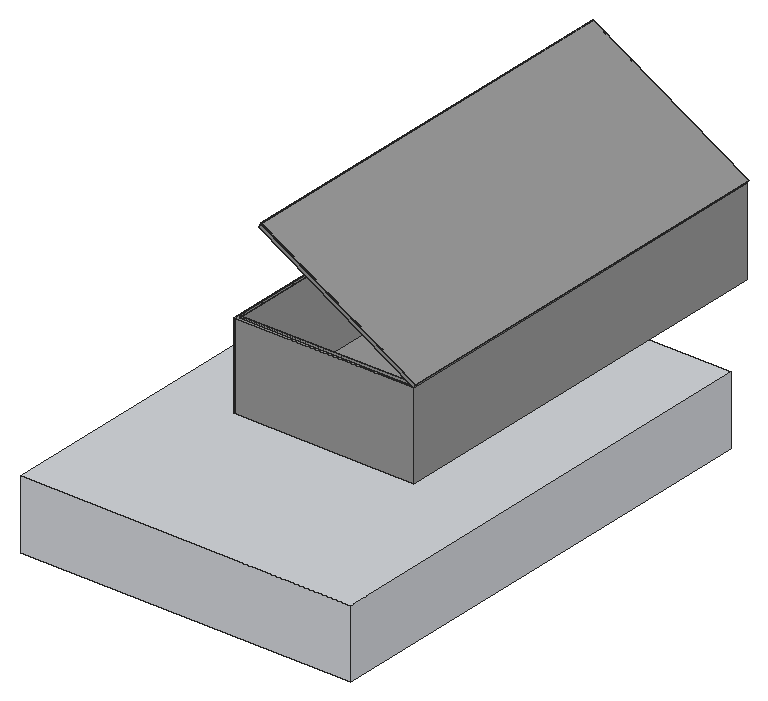
Revit family "Hager-Univers-IP41-D400-H1850-Cl.I-Steel_encl-NL-en", category Equipement électrique, Revit 2020
Family settings
  Hôte = Face
  Configuration du panneau = Deux colonnes, circuits au sein
  Cote de connecteur circulaire = Utiliser le diamètre
  Type d'élément = Tableau de raccordement
  Couper avec des vides une fois chargée = Non
  Partagée = Non
  Point de calcul de pièce = Non
Parameters (values of type "Surface mounted (plaster) IP41 W800 H1850 D400  - FS23G")
  Width Control [instance] = if([EF000008 - Width] > Min Width, [EF000008 - Width], Min Width)  # 800 mm
  Commentaires du type = [HG000003 - Range]  # "Univers"
  Thickness Door [instance] = if([EF009171 - Material plate thickness door/cover] > 3 mm, 3 mm, [EF009171 - Material plate thickness door/cover])  # 1.5 mm
  Seal Frame Offset [instance] = 17 mm  # constant formula
  Plinth Visibility [instance] = [HG000027 - Plinth height] > 0 mm  # no
  Model = ""
  Min Width [instance] = 100 mm  # constant formula
  Min Height [instance] = 100 mm  # constant formula
  Min Depth [instance] = (2 * [EF009170 - Material plate thickness cabinet]) + 1 mm  # 4 mm
  Internal Frame Depth [instance] = (Door System Depth * 0.5)  # 9 mm
  Height Control [instance] = if([EF000040 - Height] > Min Height, [EF000040 - Height], Min Height)  # 1850 mm
  HG000027 - Plinth height = 0 mm
  HG000026 - Floor standing = no
  HG000024 - Bottom section height = 800 mm
  HG000023 - Double section enclosure = no
  HG000016 - Door 3d visibility [instance] = yes
  HG000015 - Clearance visibility [instance] = no
  HG000014 - Door on the right [instance] = yes
  HG000013 - Door on the left [instance] = not([HG000014 - Door on the right])  # no
  HG000012 - Door swing angle [instance] = 30.00°
  HG000010 - Asymmetric doors = no
  HG000009 - Double swing door = no
  HG000006 - Flush mounted = no
  HG000004 - Manufacturer reference = "FS23G"
  HG000003 - Range = "Univers"
  HG000002 - With door or cover = yes
  Frame Offset Bottom [instance] = 10 mm  # constant formula
  Frame Offset [instance] = 15 mm  # constant formula
  EF015940 - Cover with overpressure release = no
  EF011959 - Degree of protection (NEMA) = ""
  EF009554 - Number of openings for flange plates = 6
  EF009212 - Cover model = "EV000116 - Closed"
  EF009171 - Material plate thickness door/cover = 1.5 mm
  EF009170 - Material plate thickness cabinet = 1.5 mm
  Fabricant = "Hager"  # constant formula
  EF008873 - Nominal current (In) = 800 A
  EF007800 - Suitable for lightning protection = no
  EF006306 - With lock = no
  EF006244 - Transparent cover/door = no
  EF005474 - Degree of protection (IP) = "EV006416 - IP41"
  EF004464 - Type of door = "EV002646 - Single"
  EF004427 - Number of modules = 432
  EF004293 - Impact strength = "EV006813 - IK07"
  EF003532 - Suitable for outdoor use = no
  EF002950 - Width in number of modular spacings = 24
  EF001613 - Circuit integrity = "EV000494 - None"
  EF001596 - Material housing = "EV000179 - Steel"
  EF001131 - Internal depth = 400 mm
  EF001088 - Extension possible = yes
  EF000437 - Number of conduit inlets = 6
  EF000339 - Type of cover = "EV004216 - Door"
  EF000266 - Number of rows = 12
  EF000218 - Built-in depth = 0 mm
  EF000118 - With mounting plate = no
  EF000116 - RAL-number = "7035"
  EF000049 - Depth = 400 mm
  EF000040 - Height = 1850 mm
  EF000008 - Width = 800 mm
  EF000007 - Colour = "EV000270 - Grey"
  EF000003 - Mounting method = "EV000384 - Surface mounted (plaster)"
  Door System Leaf Tolerance [instance] = 1.5 mm  # constant formula
  Door System Depth [instance] = 18 mm  # constant formula
  Door Height [instance] = Height Control - [HG000027 - Plinth height]  # 1850 mm
  Depth Control [instance] = if([EF000049 - Depth] > Min Depth, [EF000049 - Depth], Min Depth)  # 400 mm
  Default Elevation = 0 mm
  Connector Offset [instance] = Height Control / 2  # 925 mm
  Bottom Top Plate Trim [instance] = 1.5 mm  # constant formula
  Plinth height Ctrl [instance] = if([HG000027 - Plinth height] > 0 mm, [HG000027 - Plinth height], 12 mm)  # 12 mm
Types (5, lengths in mm): name | Width Control | HG000009 - Double swing door | HG000004 - Manufacturer reference | EF009554 - Number of openings for flange plates | EF004464 - Type of door | EF004427 - Number of modules | EF000437 - Number of conduit inlets | EF000008 - Width
  Surface mounted (plaster) IP41 W1050 H1850 D400  - FS24G | 1050 | yes | "FS24G" | 8 | "EV003602 - Double" | 576 | 8 | 1050
  Surface mounted (plaster) IP41 W1300 H1850 D400  - FS25G | 1300 | yes | "FS25G" | 10 | "EV003602 - Double" | 720 | 10 | 1300
  Surface mounted (plaster) IP41 W300 H1850 D400  - FS21G | 300 | no | "FS21G" | 2 | "EV002646 - Single" | 144 | 2 | 300
  Surface mounted (plaster) IP41 W550 H1850 D400  - FS22G | 550 | no | "FS22G" | 4 | "EV002646 - Single" | 288 | 4 | 550
  Surface mounted (plaster) IP41 W800 H1850 D400  - FS23G | 800 | no | "FS23G" | 6 | "EV002646 - Single" | 432 | 6 | 800
Reference planes
  plane 1 "Center (Front/Back)": y = 0
  plane 2: z = 0
  plane 3 "Center (Left/Right)": x = 0
  plane 4: z = 400
  plane 5: y = 1.5
  plane 6: y = 925
  plane 7: y = 0
  plane 8: y = 1850
  plane 9: z = 0
  plane 10: x = -385
  plane 11: x = 385
  plane 12: x = 383.5
  plane 13: x = -383.5
  plane 14: y = 1848.5
  plane 15: x = -383
  plane 16: x = -400
  plane 17: x = 383
  plane 18: x = 400
  plane 19: x = 398.5
  plane 20: x = -398.5
  plane 21: y = 11.5
  plane 22: y = 1850
  plane 23: y = 1833.5
  plane 24: z = 382
  plane 25: z = 1.5
  plane 26: z = 380.5
  plane 27: z = 398.5
Forms (mm)
  Extrusion 1, solid
    sketch origin (0, 0, 0) x (1, 0, 0) y (0, 1, 0)
      loop
        line (-702.964, 1305) -> (-702.964, -811.445) -> (766.763, -811.445) -> (766.763, 1305) -> (-702.964, 1305)
    from 0 to -304.8
  Extrusion 2, solid, material "Hager_Steel_RAL7035_Light_Grey", visible <- "Plinth Visibility", detail levels medium+fine
    sketch origin (0, 0, 0) x (1, 0, 0) y (0, 1, 0)
      loop
        line (-400, 0) -> (400, 0) -> (400, 12) -> (-400, 12) -> (-400, 0)
    from 0 to 382
  Extrusion 3, solid, material "Hager_Steel_RAL7035_Light_Grey", detail levels medium+fine
    sketch origin (0, 0, 0) x (1, 0, 0) y (0, 1, 0)
      loop
        line (-400, 0) -> (400, 0) -> (400, 1850) -> (-400, 1850) -> (-400, 0)
    from 0 to 382
  Extrusion 4, void
    sketch origin (0, 0, 0) x (1, 0, 0) y (0, 1, 0)
      loop
        line (-398.5, 1.5) -> (398.5, 1.5) -> (398.5, 1848.5) -> (-398.5, 1848.5) -> (-398.5, 1.5)
    from 1.5 to 380.5
  Extrusion 5, void
    sketch origin (-381.607, -4572, 382) x (0, -1, 0) y (-1, 0, 0)
      loop
        line (-4583.5, 1.893) -> (-6405.5, 1.893) -> (-6405.5, -765.107) -> (-4583.5, -765.107) -> (-4583.5, 1.893)
    from 0 to 1.5 <- "EF009170 - Material plate thickness cabinet"
  Extrusion 6, solid, material "Hager_Steel_RAL7035_Light_Grey", detail levels fine
    sketch origin (0, 0, 382) x (1, 0, 0) y (0, 1, 0)
      loop
        line (-383.5, 1833.5) -> (-383.5, 11.5) -> (383.5, 11.5) -> (383.5, 1833.5) -> (-383.5, 1833.5)
      loop
        line (-385, 10) -> (385, 10) -> (385, 1835) -> (-385, 1835) -> (-385, 10)
    from 0 to 9 <- "Internal Frame Depth"
  Extrusion 7, solid, material "Hager_Steel_RAL7035_Light_Grey", detail levels coarse
    sketch origin (0, 0, 0) x (1, 0, 0) y (0, 1, 0)
      loop
        line (-400, 0) -> (400, 0) -> (400, 1850) -> (-400, 1850) -> (-400, 0)
    from 0 to 400
  Sweep 8, void
    path in 3D
      loop
        line (-400, 12, 0) -> (400, 12, 0) -> (400, 12, 382) -> (-400, 12, 382) -> (-400, 12, 0)
    profile origin (-400, 12, 191) x (-1, 0, 0) y (0, -1, 0)
      loop
        line (0, 0) -> (0, 1.5) -> (-1.5, 1.5)
        arc (-1.5, 1.5) -> (-1.061, 0.439) -> (0, 0) r 1.5
Cuts and joins
  Extrusion 4, Extrusion 5 cuts Extrusion 3
  Sweep 8 cuts Extrusion 2
Lines and regions (mm)
  Masking region 1
    outline origin (0, 0, 0) x (1, 0, 0) y (0, 0, 1)
      loop
        line (-400, 400) -> (-400, 0) -> (400, 0) -> (400, 400) -> (-400, 400)
  Masking region 2, detail levels medium+fine
    outline origin (0, 140, 0) x (0, 1, 0) y (0, 0, 1)
      loop
        line (-140, 0) -> (1710, 0) -> (1710, 382) -> (-140, 382) -> (-140, 0)
  Masking region 3, not visible, detail levels medium+fine
    outline origin (0, 297.922, 0) x (0, 1, 0) y (0, 0, 1)
      loop
        line (638.578, 0) -> (678.578, 0) -> (678.578, 388.5)
        arc (678.578, 388.5) -> (675.649, 395.571) -> (668.578, 398.5) r 10
        line (668.578, 398.5) -> (638.578, 398.5) -> (638.578, 0)
  Masking region 4, detail levels coarse
    outline origin (0, 0, 180) x (0, 1, 0) y (0, 0, 1)
      loop
        line (0, -180) -> (1850, -180) -> (1850, 220) -> (0, 220) -> (0, -180)
  Masking region 5, visible <- "Plinth Visibility", detail levels medium+fine
    outline origin (0, 52.24, 12.345) x (0, 0, -1) y (0, 1, 0)
      loop
        line (10.845, -40.24) -> (-368.155, -40.24)
        arc (-368.155, -40.24) -> (-368.594, -41.301) -> (-369.655, -41.74) r 1.5
        line (-369.655, -41.74) -> (-369.655, -52.24) -> (12.345, -52.24) -> (12.345, -41.74)
        arc (12.345, -41.74) -> (11.285, -41.301) -> (10.845, -40.24) r 1.5
  Masking region 6, detail levels medium+fine
    outline origin (-381.607, -4572, 382) x (-1, 0, 0) y (0, -1, 0)
      loop
        line (18.393, -6422) -> (18.393, -4572) -> (-781.607, -4572) -> (-781.607, -6422) -> (18.393, -6422)
  Masking region 7, visible <- "Plinth Visibility", detail levels medium+fine
    outline origin (-381.607, -4727, 382) x (-1, 0, 0) y (0, -1, 0)
      loop
        arc (16.893, -4739) -> (17.332, -4737.939) -> (18.393, -4737.5) r 1.5
        line (18.393, -4737.5) -> (18.393, -4727) -> (-781.607, -4727) -> (-781.607, -4737.5)
        arc (-781.607, -4737.5) -> (-780.546, -4737.939) -> (-780.107, -4739) r 1.5
        line (-780.107, -4739) -> (16.893, -4739)
  Masking region 8, detail levels coarse
    outline origin (-442.548, -4669.526, 382) x (-1, 0, 0) y (0, -1, 0)
      loop
        line (-42.548, -6519.526) -> (-42.548, -4669.526) -> (-842.548, -4669.526) -> (-842.548, -6519.526) -> (-42.548, -6519.526)
  sketch lines
    curve 1: line (-400, 12, 382) -> (-400, 12, 0)
    curve 2: line (400, 12, 382) -> (-400, 12, 382)
    curve 3: line (400, 12, 382) -> (400, 12, 0)
    curve 4: line (-400, 12, 0) -> (400, 12, 0)
Dimensions and locks
  "Depth Control": plane 4 to Extrusion 1
  "HG000027 - Plinth height": plane 1 "Center (Front/Back)" to plane 7
  "EF009170 - Material plate thickness cabinet": plane 5 to plane 7
  locked: connector elem to plane 3 "Center (Left/Right)"
  equal spacing: plane 8, plane 6, plane 7
  locked: connector elem to plane 6
  "EF009170 - Material plate thickness cabinet": plane 8 to plane 14
  "EF009170 - Material plate thickness cabinet": plane 10 to plane 13
  "EF009170 - Material plate thickness cabinet": plane 12 to plane 11
  "Frame Offset": plane 20 to plane 13
  "Frame Offset": plane 12 to plane 19
  "EF009170 - Material plate thickness cabinet": plane 16 to plane 20
  "EF009170 - Material plate thickness cabinet": plane 19 to plane 18
  "Seal Frame Offset": plane 16 to plane 15
  "Seal Frame Offset": plane 17 to plane 18
  "Frame Offset Bottom": plane 21 to plane 5
  "Frame Offset": plane 14 to plane 23
  equal spacing: plane 16, plane 3 "Center (Left/Right)", plane 18
  "Width Control": plane 16 to plane 18
  "EF009170 - Material plate thickness cabinet": plane 4 to plane 27
  "EF009170 - Material plate thickness cabinet": plane 24 to plane 26
  "EF009170 - Material plate thickness cabinet": plane 25 to level
  "Door System Depth": plane 4 to plane 24
  "Height Control": plane 1 "Center (Front/Back)" to Extrusion 7 sketch curve
  "Height Control": Masking region 4 sketch curve to plane 1 "Center (Front/Back)"
  "Height Control": plane 1 "Center (Front/Back)" to plane 22
  "Bottom Top Plate Trim": profile plane to Sweep 8 sketch curve
  "Bottom Top Plate Trim": Sweep 8 sketch curve to profile plane
  "Plinth height Ctrl": plane 1 "Center (Front/Back)" to Extrusion 2 sketch curve
  "Plinth height Ctrl": Masking region 5 sketch curve to plane 1 "Center (Front/Back)"
  "Plinth height Ctrl": plane 1 "Center (Front/Back)" to Masking region 7 sketch curve
  "Thickness Door": Extrusion 6 sketch curve to Extrusion 6 sketch curve  (x3)
  "Thickness Door": cut or joined group of Extrusion 3, Extrusion 4, Extrusion 5 to Extrusion 6 sketch curve
  radius of Masking region 3 sketch curve = 10 mm
  "Bottom Top Plate Trim": radius of Masking region 5 sketch curve  (x2)
  "Bottom Top Plate Trim": radius of Sweep 8 sketch curve
  "Bottom Top Plate Trim": radius of Masking region 7 sketch curve  (x2)
  aligned and locked: plane 2 to Extrusion 1
  aligned and locked: level to Extrusion 1
  aligned and locked: level to Masking region 1 sketch curve
  aligned and locked: Masking region 1 sketch curve to plane 18
  aligned and locked: Masking region 1 sketch curve to plane 16
  aligned and locked: plane 7 to Masking region 2 sketch curve
  aligned and locked: level to Masking region 3 sketch curve
  aligned and locked: Masking region 3 sketch curve to plane 27
  aligned and locked: level to Masking region 2 sketch curve
  aligned and locked: plane 1 "Center (Front/Back)" to Extrusion 2 sketch curve
  aligned and locked: Extrusion 3 sketch curve to plane 7
  aligned and locked: plane 16 to Extrusion 3 sketch curve
  aligned and locked: plane 18 to Extrusion 3 sketch curve
  aligned and locked: plane 20 to Extrusion 4 sketch curve
  aligned and locked: plane 19 to Extrusion 4 sketch curve
  aligned and locked: Extrusion 4 sketch curve to plane 5
  aligned and locked: Extrusion 4 to plane 25
  aligned and locked: plane 26 to Extrusion 4
  aligned and locked: plane 24 to Extrusion 3
  aligned and locked: Extrusion 5 sketch curve to plane 21
  aligned and locked: Extrusion 5 sketch curve to plane 13
  aligned and locked: Extrusion 5 sketch curve to plane 12
  aligned and locked: plane 18 to Extrusion 7 sketch curve
  aligned and locked: plane 1 "Center (Front/Back)" to Extrusion 7 sketch curve
  aligned and locked: plane 16 to Extrusion 7 sketch curve
  aligned and locked: plane 4 to Extrusion 7
  aligned and locked: Extrusion 7 to level
  aligned and locked: level to Masking region 4 sketch curve
  aligned and locked: Masking region 4 sketch curve to plane 1 "Center (Front/Back)"
  aligned and locked: Masking region 4 sketch curve to plane 4
  aligned and locked: nested 1 to level
  aligned and locked: nested 1 to plane 16
  aligned and locked: plane 8 to Extrusion 3 sketch curve
  aligned and locked: plane 23 to Extrusion 5 sketch curve
  aligned and locked: plane 14 to Extrusion 4 sketch curve
  aligned and locked: Masking region 2 sketch curve to plane 8
  aligned and locked: level to Masking region 5 sketch curve
  aligned and locked: plane 16 to Extrusion 2 sketch curve
  aligned and locked: plane 18 to Extrusion 2 sketch curve
  aligned and locked: Masking region 5 sketch curve to plane 24
  aligned and locked: Masking region 2 sketch curve to plane 24
  aligned and locked: plane 24 to Extrusion 2
  aligned and locked: profile plane to Sweep 8 sketch curve  (x2)
  aligned and locked: Masking region 6 sketch curve to plane 18
  aligned and locked: Masking region 6 sketch curve to plane 22
  aligned and locked: Masking region 6 sketch curve to plane 16
  aligned and locked: plane 8 to plane 22
  aligned and locked: Masking region 6 sketch curve to plane 7
  aligned and locked: Masking region 7 sketch curve to plane 16
  aligned and locked: Masking region 7 sketch curve to plane 1 "Center (Front/Back)"
  aligned and locked: Masking region 7 sketch curve to plane 18
  aligned and locked: Masking region 8 sketch curve to plane 1 "Center (Front/Back)"
  aligned and locked: Masking region 8 sketch curve to plane 18
  aligned and locked: Masking region 8 sketch curve to plane 22
  aligned and locked: Masking region 8 sketch curve to plane 16
  aligned and locked: nested 2 to plane 7
  aligned and locked: plane 3 "Center (Left/Right)" to nested 2
  aligned and locked: nested 2 to plane 24
  aligned and locked: Extrusion 6 sketch curve to cut or joined group of Extrusion 3, Extrusion 4, Extrusion 5  (x4)
Automatic sketch dimensions
  Extrusion 1 sketch curve to Extrusion 1 sketch curve = 1469.727 mm
  Extrusion 1 sketch curve to Extrusion 1 sketch curve = 2116.445 mm
  Masking region 1 sketch curve to plane 4 = 0 mm
  plane 6 to Masking region 3 sketch curve = 11.5 mm
  Masking region 3 sketch curve to Masking region 3 sketch curve = 30 mm
  Masking region 5 sketch curve to plane 1 "Center (Front/Back)" = 0 mm
Nested families
  nested 1: "Hager_Enclosure_Symbol" at (-400, 0, 0) x (1, 0, 0) z (0, -1, 0), Height <- "Depth Control", Width <- "Width Control", type "Hager_Enclosure_Symbol"
    with Width_Ctrl 800 mm, Width 800 mm, Height_Ctrl 400 mm, Height 400 mm, A_Width_Int 26.25 mm, A_Width 315 mm, A_Height_Ctrl 350 mm, A_Height 350 mm
  nested 2: "EC000058_Univers_Door" at (0, 0, 382) x (1, 0, 0) z (0, 1, 0), Leaf_Tolerance <- "Door System Leaf Tolerance", Angle <- "HG000012 - Door swing angle", Door_Depth <- "Door System Depth", Door_Left <- "HG000013 - Door on the left", Transparent <- "EF006244 - Transparent cover/door", Assymetrical <- "HG000010 - Asymmetric doors", Width <- "Width Control", Clearance <- "HG000015 - Clearance visibility", Double <- "HG000009 - Double swing door", 3d_Door <- "HG000016 - Door 3d visibility", Lock_Visibility <- "EF006306 - With lock", Width_Ctrl <- "Width Control", Door_Right <- "HG000014 - Door on the right", Door <- "HG000002 - With door or cover", Height <- "Door Height", Thickness <- "Thickness Door", type "EC000058_Univers_Door", detail levels medium+fine
    with min_wh 4 mm, Width_Ctrl 800 mm, Width 800 mm, Transparent no, Thickness 1.5 mm, Seal_Material Hager_Rubber, Lock_Visibility no, Lock_Material Hager_Plastic_RAL9005_Jet_Black, Leaf_Width 800 mm, Leaf_Tolerance_External_Sides 0 mm, Leaf_Tolerance 1.5 mm, Leaf_Offset 0 mm, Leaf_Height 1847 mm, Leaf_2_Width 800 mm, Leaf_2_Offset 400 mm, Leaf_1_Width 800 mm, Leaf_1_Offset 400 mm, Height_Ctrl 1850 mm, Height 1850 mm, Glass_Material Hager_Glass, Double_Clearance_Ctrl no, Double no, Door_Right_Ctrl yes, Door_Right yes, Door_Material Hager_Steel_RAL7035_Light_Grey, Door_Left_Ctrl no, Door_Left no, Door_Depth 18 mm, Door yes, Clearance_Material Hager_Clearance, Clearance_Depth 800 mm, Clearance_Ctrl no, Clearance no, Assymetrical no, Angle 30.00°, 3d_Door yes
Connectors
  electrical at (0, 925, 0)
    settings: on plane 9, index 1, voltage 0 V, apparent load 0 VA, apparent load phase1 0 VA, apparent load phase2 0 VA, apparent load phase3 0 VA, power factor 1, load classification "Other", number of poles 1, system type 30, power factor state 1, is connector primary yes, connector utility no, sub classification motor no, connector description ""
Definition of nested family "EC000058_Univers_Door"
  Parameters (values of type "EC000058_Univers_Door")
    min_wh [instance] = (2 * Thickness) + 1 mm  # 11 mm
    Width_Ctrl [instance] = 400 mm
    Width [instance] = 500 mm
    Transparent [instance] = yes
    Thickness [instance] = 5 mm
    Seal_Material [instance] = none
    Lock_Visibility [instance] = yes
    Lock_Material [instance] = none
    Leaf_Width [instance] = if((Width_Ctrl - 2 * Leaf_Tolerance_External_Sides) > 0 mm, (Width_Ctrl - 2 * Leaf_Tolerance_External_Sides), min_wh)  # 400 mm
    Leaf_Tolerance_External_Sides [instance] = 0 mm  # constant formula
    Leaf_Tolerance [instance] = 1.5 mm
    Leaf_Offset [instance] = 0 mm  # constant formula
    Leaf_Height [instance] = if((Height_Ctrl - 2 * Leaf_Tolerance) > 0 mm, (Height_Ctrl - 2 * Leaf_Tolerance), min_wh)  # 497 mm
    Leaf_2_Width [instance] = if(and(and(Double, Assymetrical), Door_Left), (Leaf_Width / 3) - (Leaf_Tolerance / 2), if(and(and(Double, Assymetrical), Door_Right), (Leaf_Width / 3) * 2 - (Leaf_Tolerance / 2), if(and(Double, not(Assymetrical)), (Leaf_Width / 2) - Leaf_Tolerance, Leaf_Width)))  # 400 mm
    Leaf_2_Offset [instance] = if(and(Double, Assymetrical), Leaf_2_Width / 2, if(and(Double, not(Assymetrical)), Leaf_Width / 4, Leaf_Width / 2))  # 200 mm
    Leaf_1_Width [instance] = if(and(and(Double, Assymetrical), Door_Right), (Leaf_Width / 3) - (Leaf_Tolerance / 2), if(and(and(Double, Assymetrical), Door_Left), (Width / 3) * 2 - (Leaf_Tolerance / 2), if(and(Double, not(Assymetrical)), (Leaf_Width / 2) - Leaf_Tolerance, Leaf_Width)))  # 400 mm
    Leaf_1_Offset [instance] = if(and(Double, Assymetrical), Leaf_1_Width / 2, if(and(Double, not(Assymetrical)), Leaf_Width / 4, Leaf_Width / 2))  # 200 mm
    Height_Ctrl [instance] = if(Height > min_wh, Height, min_wh)  # 500 mm
    Height [instance] = 500 mm
    Glass_Material [instance] = none
    Double_Clearance_Ctrl [instance] = and(Double, Clearance)  # no
    Double [instance] = no
    Door_Right_Ctrl [instance] = and(or(Door_Right, Double), Door)  # yes
    Door_Right [instance] = yes
    Door_Material [instance] = none
    Door_Left_Ctrl [instance] = and(or(Door_Left, Double), Door)  # no
    Door_Left [instance] = no
    Door_Depth [instance] = 30 mm
    Door [instance] = yes
    Default Elevation = 1219.2 mm
    Clearance_Material [instance] = none
    Clearance_Depth [instance] = if(Leaf_1_Width > Leaf_2_Width, Leaf_1_Width, Leaf_2_Width)  # 400 mm
    Clearance_Ctrl [instance] = and(not(Double), Clearance)  # yes
    Clearance [instance] = yes
    Assymetrical [instance] = yes
    Angle [instance] = 30.00°
    3d_Door [instance] = yes
  Reference planes
    plane 1 "Center (Front/Back)": y = 0
    plane 2 "Bottom": z = 0
    plane 3 "Center (Left/Right)": x = 0
    plane 4: z = 500
    plane 5: x = -200
    plane 6: x = 200
    plane 7: z = 500
    plane 8: x = -200
    plane 9: z = 0
    plane 10: x = 200
    plane 11: y = 0
    plane 12: z = 1.5
    plane 13: x = -600
    plane 14: y = -400
    plane 15: x = 600
    plane 16: x = 0
    plane 17: x = 0
    plane 18: x = -200
    plane 19: x = 200
    plane 20: z = 498.5
  Forms (mm)
    Extrusion 1, solid, material <- "Clearance_Material", visible <- "Double_Clearance_Ctrl"
      sketch origin (1200, 0, 0) x (1, 0, 0) y (0, 0, -1)
        loop
          line (-1800, -498.5) -> (-600, -498.5) -> (-600, 0) -> (-1800, 0) -> (-1800, -498.5)
      from 0 to -400
  Dimensions and locks
    equal spacing: plane 5, plane 3 "Center (Left/Right)", plane 6
    "Width_Ctrl": plane 5 to plane 6
    "Leaf_Offset": plane 5 to plane 8
    "Leaf_Offset": plane 6 to plane 10
    "Leaf_Offset": plane 9 to level
    "Leaf_Offset": plane 4 to plane 7
    "Height_Ctrl": plane 4 to level
    "Leaf_Tolerance": plane 12 to plane 9
    locked: plane 11 to plane 1 "Center (Front/Back)"
    "Leaf_1_Offset": plane 18 to plane 16
    "Leaf_2_Offset": plane 17 to plane 19
    "Leaf_1_Width": plane 13 to plane 8
    "Leaf_2_Width": plane 10 to plane 15
    "Clearance_Depth": plane 14 to plane 1 "Center (Front/Back)"
    "Leaf_Tolerance_External_Sides": plane 8 to plane 18
    "Leaf_Tolerance_External_Sides": plane 19 to plane 10
    "Leaf_Tolerance": plane 7 to plane 20
    aligned and locked: level to plane 2 "Bottom"
    aligned and locked: nested 1 to plane 16
    aligned and locked: nested 2 to plane 17
    aligned and locked: Extrusion 1 to plane 13
    aligned and locked: plane 15 to Extrusion 1
    aligned and locked: Extrusion 1 to plane 14
    aligned and locked: plane 12 to nested 1
    aligned and locked: nested 2 to plane 12
    aligned and locked: Extrusion 1 to plane 11
    aligned and locked: plane 20 to Extrusion 1
    aligned and locked: nested 2 to plane 11
    aligned and locked: nested 1 to plane 11
  Automatic sketch dimensions
    Extrusion 1 sketch curve to level = 0 mm
    plane 5 to Extrusion 1 sketch curve = 400 mm
    plane 6 to Extrusion 1 sketch curve = 400 mm
    Extrusion 1 sketch curve to plane 4 = 1.5 mm
  Nested families
    nested 1: "EC000058_Univers_Door_Leaf" at (0, 0, 1.5), Width <- "Leaf_1_Width", visible <- "Door_Left_Ctrl", Leaf_Height <- "Leaf_Height", Angle <- "Angle", 3d_Door <- "3d_Door", Transparent <- "Transparent", Clearance Material <- "Clearance_Material", Clearance <- "Clearance_Ctrl", Door_Material <- "Door_Material", Glass_Material <- "Glass_Material", Door_Depth <- "Door_Depth", Lock_Material <- "Lock_Material", Seal_Material <- "Seal_Material", Lock_Visibility <- "Lock_Visibility", Thickness <- "Thickness", type "EC000058_Univers_Door_Leaf"
      with Width 400 mm, Transparent_Glass_Offset 30 mm, Transparent_Ctrl yes, Transparent yes, Thickness 5 mm, Standard no, Seal_Material none, Seal_D2 8 mm, Seal_D1 1 mm, Offset_Internal_Frame 10 mm, Lock_Width 20 mm, Lock_Visibility_3d yes, Lock_Visibility yes, Lock_Thickness_3 3 mm, Lock_Thickness_2 1 mm, Lock_Thickness_1 3 mm, Lock_Radius_Offset_2 16 mm, Lock_Radius_Offset_1 15 mm, Lock_Radius_2 5 mm, Lock_Radius 6 mm, Lock_Offset 5 mm, Lock_Material none, Lock_Height 80 mm, Lock_Cover_Top_Offset_2d 17 mm, Lock_Cover_Height -65 mm, Leaf_Height 497 mm, Internal_Seal_Thickness 8 mm, Internal_Seal_Depth_2 4.5 mm, Internal_Frame_Depth 25 mm, Glass_Thickness -1 mm, Glass_Offset -2 mm, Glass_Material none, Door_Material none, Door_Depth 30 mm, Clearance Material none, Clearance yes, Angle_Ctrl 30.00°, Angle 30.00°, 3d_Door yes
    nested 2: "EC000058_Univers_Door_Leaf" at (0, 0, 1.5) x (-1, 0, 0) z (0, 0, 1), Width <- "Leaf_2_Width", visible <- "Door_Right_Ctrl", Leaf_Height <- "Leaf_Height", Angle <- "Angle", 3d_Door <- "3d_Door", Transparent <- "Transparent", Clearance Material <- "Clearance_Material", Clearance <- "Clearance_Ctrl", Door_Material <- "Door_Material", Glass_Material <- "Glass_Material", Door_Depth <- "Door_Depth", Lock_Material <- "Lock_Material", Seal_Material <- "Seal_Material", Lock_Visibility <- "Lock_Visibility", Thickness <- "Thickness", type "EC000058_Univers_Door_Leaf"
      with Width 400 mm, Transparent_Glass_Offset 30 mm, Transparent_Ctrl yes, Transparent yes, Thickness 5 mm, Standard no, Seal_Material none, Seal_D2 8 mm, Seal_D1 1 mm, Offset_Internal_Frame 10 mm, Lock_Width 20 mm, Lock_Visibility_3d yes, Lock_Visibility yes, Lock_Thickness_3 3 mm, Lock_Thickness_2 1 mm, Lock_Thickness_1 3 mm, Lock_Radius_Offset_2 16 mm, Lock_Radius_Offset_1 15 mm, Lock_Radius_2 5 mm, Lock_Radius 6 mm, Lock_Offset 5 mm, Lock_Material none, Lock_Height 80 mm, Lock_Cover_Top_Offset_2d 17 mm, Lock_Cover_Height -65 mm, Leaf_Height 497 mm, Internal_Seal_Thickness 8 mm, Internal_Seal_Depth_2 4.5 mm, Internal_Frame_Depth 25 mm, Glass_Thickness -1 mm, Glass_Offset -2 mm, Glass_Material none, Door_Material none, Door_Depth 30 mm, Clearance Material none, Clearance yes, Angle_Ctrl 30.00°, Angle 30.00°, 3d_Door yes
  Definition of nested family "EC000058_Univers_Door_Leaf"
    Parameters (values of type "EC000058_Univers_Door_Leaf")
      Width [instance] = 2000 mm
      Transparent_Glass_Offset [instance] = 30 mm
      Transparent_Ctrl [instance] = and(Transparent, [3d_Door])  # yes
      Transparent [instance] = yes
      Thickness [instance] = 5 mm
      Standard [instance] = and(not(Transparent), [3d_Door])  # no
      Seal_Material [instance] = none
      Seal_D2 [instance] = 8 mm  # constant formula
      Seal_D1 [instance] = 1 mm  # constant formula
      Offset_Internal_Frame [instance] = 10 mm  # constant formula
      Lock_Width [instance] = 20 mm  # constant formula
      Lock_Visibility_3d [instance] = and(Lock_Visibility, [3d_Door])  # yes
      Lock_Visibility [instance] = yes
      Lock_Thickness_3 [instance] = 3 mm  # constant formula
      Lock_Thickness_2 [instance] = 1 mm  # constant formula
      Lock_Thickness_1 [instance] = 3 mm  # constant formula
      Lock_Radius_Offset_2 [instance] = Lock_Radius_Offset_1 + 1 mm  # 16 mm
      Lock_Radius_Offset_1 [instance] = 15 mm  # constant formula
      Lock_Radius_2 [instance] = Lock_Radius - 1 mm  # 5 mm
      Lock_Radius [instance] = 6 mm  # constant formula
      Lock_Offset [instance] = 5 mm  # constant formula
      Lock_Material [instance] = none
      Lock_Height [instance] = 80 mm  # constant formula
      Lock_Cover_Top_Offset_2d [instance] = Lock_Radius_Offset_2 + 1 mm  # 17 mm
      Lock_Cover_Height [instance] = -(Lock_Height - Lock_Radius_Offset_1)  # -65 mm
      Leaf_Height [instance] = 2720.336 mm
      Internal_Seal_Thickness [instance] = 8 mm  # constant formula
      Internal_Seal_Depth_2 [instance] = 4.5 mm  # constant formula
      Internal_Frame_Depth [instance] = if(Door_Depth - Thickness > 5 mm, Door_Depth - Thickness, 5 mm)  # 25 mm
      Glass_Thickness [instance] = if(Thickness > 15 mm, Glass_Offset + 10 mm, -1 mm)  # -1 mm
      Glass_Offset [instance] = if(Thickness > 15 mm, -(Thickness + 10 mm) / 2, -2 mm)  # -2 mm
      Glass_Material [instance] = none
      Door_Material [instance] = none
      Door_Depth [instance] = 30 mm
      Default Elevation = 0 mm
      Clearance Material [instance] = none
      Clearance [instance] = yes
      Angle_Ctrl [instance] = if(Angle > 180.00°, 180.00°, Angle)  # 90.00°
      Angle [instance] = 90.00°
      3d_Door [instance] = yes
    Reference planes
      plane 1 "Center (Front/Back)": y = 0
      plane 2: z = 0
      plane 3 "Center (Left/Right)": x = 0
      plane 4: y = 2000
      plane 5: x = -1000
      plane 6: x = 1000
      plane 7: x = -3000
      plane 8: z = 2720.336
      plane 9: z = 30
      plane 10: z = 2690.336
      plane 11: x = 970
      plane 12: x = -970
      plane 13: y = -3
      plane 14: z = 107.833
      plane 15: y = -5
      plane 16: y = -223.314
      plane 17: x = -1000
      plane 18: z = 1360.168
      plane 19: y = 30
    Forms (mm)
      Extrusion 1, solid, material <- "Clearance Material", visible <- "Clearance"
        sketch origin (0, 0, 0) x (1, 0, 0) y (0, 0, 1)
          loop
            line (-3000, 2720.336) -> (-3000, 0) -> (1000, 0) -> (1000, 2720.336) -> (-3000, 2720.336)
        from 0 to -2000
      Extrusion 2, solid, material <- "Door_Material", visible <- "Standard", detail levels medium+fine
        sketch origin (-1000, 0, 0) x (0, 1, 0) y (-1, 0, 0)
          loop
            line (0, 30) -> (0, 25) -> (2000, 25) -> (2000, 30) -> (0, 30)
        from 0 to 2720.336 <- "Leaf_Height"
      Extrusion 3, solid, material <- "Door_Material", visible <- "Transparent_Ctrl", detail levels medium+fine
        sketch origin (-1000, 0, 0) x (0, 1, 0) y (-1, 0, 0)
          loop
            line (0, 25) -> (2000, 25) -> (2000, 30) -> (0, 30) -> (0, 25)
        from 0 to 2720.336 <- "Leaf_Height"
      Extrusion 4, void
        sketch origin (-1025, 2000, 0) x (0, 1, 0) y (0, 0, -1)
          loop
            line (-30, -2690.336) -> (-30, -30) -> (-1970, -30) -> (-1970, -2690.336) -> (-30, -2690.336)
        from 0 to 5 <- "Thickness"
      Sweep 5, solid, material <- "Seal_Material", visible <- "Transparent_Ctrl", detail levels fine
        path in 3D
          loop
            line (-1025, 30, 30) -> (-1025, 30, 2690.336) -> (-1025, 1970, 2690.336) -> (-1025, 1970, 30) -> (-1025, 30, 30)
        profile origin (-1025, 1000, 30) x (1, 0, 0) y (0, 0, 1)
          loop
            line (0, 0) -> (0, -8) -> (1, -8) -> (1, 0) -> (0, 0)
      Extrusion 6, solid, material <- "Glass_Material", visible <- "Transparent_Ctrl", detail levels medium+fine
        sketch origin (-1030, 0, 0) x (0, 1, 0) y (0, 0, -1)
          loop
            line (1970, -2690.336) -> (1970, -30) -> (30, -30) -> (30, -2690.336) -> (1970, -2690.336)
        from -2 <- "Glass_Offset" to -1 <- "Glass_Thickness"
      Extrusion 7, solid, material <- "Door_Material", visible <- "3d_Door", detail levels medium+fine
        sketch origin (-1025, 2000, 0) x (0, -1, 0) y (0, 0, -1)
          loop
            line (0, -2720.336) -> (2000, -2720.336) -> (2000, 0) -> (0, 0) -> (0, -2720.336)
          loop
            line (1995, -5) -> (5, -5) -> (5, -2715.336) -> (1995, -2715.336) -> (1995, -5)
        from 0 to 25 <- "Internal_Frame_Depth"
      Sweep 8, solid, material <- "Seal_Material", visible <- "Transparent_Ctrl", detail levels fine
        path in 3D
          loop
            line (-1025, 0, 0) -> (-1025, 2000, 0) -> (-1025, 2000, 2720.336) -> (-1025, 0, 2720.336) -> (-1025, 0, 0)
        profile origin (-1025, 0, 1360.168) x (1, 0, 0) y (0, 1, 0)
          loop
            line (0, 10) -> (2.975, 10)
            arc (2.975, 10) -> (4.053, 10.447) -> (4.5, 11.525) r 1.525
            line (4.5, 11.525) -> (4.5, 16.527)
            arc (4.5, 16.527) -> (4.069, 17.569) -> (3.027, 18) r 1.473
            line (3.027, 18) -> (0, 18) -> (0, 10)
      Extrusion 9, solid, material <- "Lock_Material", visible <- "Lock_Visibility_3d", detail levels fine
        sketch origin (-1030, 0, 0) x (0, 1, 0) y (0, 0, -1)
          loop
            arc (1993.5, -1400.168) -> (1994.561, -1399.729) -> (1995, -1398.668) r 1.5
            line (1995, -1398.668) -> (1995, -1320.168) -> (1975, -1320.168) -> (1975, -1398.668)
            arc (1975, -1398.668) -> (1975.439, -1399.729) -> (1976.5, -1400.168) r 1.5
            line (1976.5, -1400.168) -> (1993.5, -1400.168)
        from 3 <- "Lock_Thickness_1" to 0
      Blend 10, solid, material <- "Lock_Material", visible <- "Lock_Visibility_3d", detail levels fine
        base sketch origin (-1033, 0, 0) x (0, 1, 0) y (0, 0, -1)
          loop
            line (1975, -1320.168) -> (1975, -1398.668)
            arc (1975, -1398.668) -> (1975.439, -1399.729) -> (1976.5, -1400.168) r 1.5
            line (1976.5, -1400.168) -> (1993.5, -1400.168)
            arc (1993.5, -1400.168) -> (1994.561, -1399.729) -> (1995, -1398.668) r 1.5
            line (1995, -1398.668) -> (1995, -1320.168) -> (1975, -1320.168)
        top sketch origin (-1033, 0, 0) x (0, 1, 0) y (0, 0, -1)
          loop
            line (1976, -1320.168) -> (1976, -1398.668)
            arc (1976, -1398.668) -> (1976.146, -1399.022) -> (1976.5, -1399.168) r 0.5
            line (1976.5, -1399.168) -> (1993.5, -1399.168)
            arc (1993.5, -1399.168) -> (1993.854, -1399.022) -> (1994, -1398.668) r 0.5
            line (1994, -1398.668) -> (1994, -1320.168) -> (1976, -1320.168)
        from 0 to 1 <- "Lock_Thickness_2"
      Blend 11, solid, material <- "Lock_Material", visible <- "Lock_Visibility_3d", detail levels fine
        base sketch origin (-1034, 0, 0) x (0, 1, 0) y (0, 0, -1)
          loop
            line (1978, -1320.168) -> (1978, -1384.168)
            arc (1978, -1384.168) -> (1985, -1391.168) -> (1992, -1384.168) r 7
            line (1992, -1384.168) -> (1992, -1320.168) -> (1978, -1320.168)
        top sketch origin (-1034, 0, 0) x (0, 1, 0) y (0, 0, -1)
          loop
            line (1991, -1320.168) -> (1979, -1320.168) -> (1979, -1383.168)
            arc (1979, -1383.168) -> (1985, -1389.168) -> (1991, -1383.168) r 6
            line (1991, -1383.168) -> (1991, -1320.168)
        from 0 to 3 <- "Lock_Thickness_3"
      Extrusion 12, solid, material <- "Lock_Material", visible <- "Lock_Visibility_3d", detail levels fine
        sketch origin (-1030, 1975, 1320.168) x (1, 0, 0) y (0, -1, 0)
          loop
            line (-7, -19) -> (-7, -1) -> (0, -1) -> (0, 0) -> (-8, 0) -> (-8, -20) -> (0, -20) -> (0, -19) -> (-7, -19)
        from 0 to -65 <- "Lock_Cover_Height"
      Extrusion 13, void
        sketch origin (-1038, 1995, 1320.168) x (-1, 0, 0) y (0, 0, -1)
          loop
            line (-5, -65) -> (0, -65) -> (-5, -60) -> (-5, -65)
        from 0 to 20 <- "Lock_Width"
      Extrusion 14, void
        sketch origin (-1038, 1975, 1320.168) x (0, -1, 0) y (0, 0, -1)
          loop
            circle (-10, -15.995) r 6
          loop
            circle (-10, -15.995) r 5
        from 0 to 2
      Extrusion 15, solid, material <- "Lock_Material", visible <- "Lock_Visibility_3d", detail levels medium
        sketch origin (-1030, 0, 0) x (0, 1, 0) y (0, 0, -1)
          loop
            arc (1993.5, -1400.168) -> (1994.561, -1399.729) -> (1995, -1398.668) r 1.5
            line (1995, -1398.668) -> (1995, -1320.168) -> (1975, -1320.168) -> (1975, -1398.668)
            arc (1975, -1398.668) -> (1975.439, -1399.729) -> (1976.5, -1400.168) r 1.5
            line (1976.5, -1400.168) -> (1993.5, -1400.168)
        from 8 to 0
    Cuts and joins
      Extrusion 4 cuts Extrusion 3
      Extrusion 13, Extrusion 14 cuts Extrusion 9
      Extrusion 14 cuts Blend 11
      Extrusion 13, Extrusion 14 cuts Extrusion 12
      joined: Extrusion 9, Blend 10, Blend 11, Extrusion 12
      Extrusion 14 cuts Extrusion 15
    Lines and regions (mm)
      Masking region 1, visible <- "Lock_Visibility", detail levels fine
        outline origin (0, 0, 0) x (0, 1, 0) y (0, 0, 1)
          loop
            line (30, 1320.168) -> (33, 1320.168) -> (33, 1400.168) -> (30, 1400.168) -> (30, 1320.168)
      Masking region 2, visible <- "Lock_Visibility", detail levels fine
        outline origin (0, 3.143, 0) x (0, 1, 0) y (0, 0, 1)
          loop
            line (29.857, 1354.168) -> (30.857, 1354.168) -> (30.857, 1366.168) -> (29.857, 1366.168) -> (29.857, 1354.168)
      Masking region 3, detail levels medium+fine
        outline origin (0, 0, 0) x (0, 1, 0) y (0, 0, 1)
          loop
            line (0, 0) -> (30, 0) -> (30, 2720.336) -> (0, 2720.336) -> (0, 0)
      Masking region 4, detail levels medium+fine
        outline origin (0, 0, 0) x (1, 0, 0) y (0, 0, 1)
          loop
            line (-1000, 2720.336) -> (-1000, 0) -> (1000, 0) -> (1000, 2720.336) -> (-1000, 2720.336)
      Masking region 5, visible <- "Lock_Visibility", detail levels fine
        outline origin (-47.116, 0, 0) x (1, 0, 0) y (0, 0, 1)
          loop
            arc (1024.616, 1399.168) -> (1023.556, 1398.729) -> (1023.116, 1397.668) r 1.5
            line (1023.116, 1397.668) -> (1023.116, 1320.168) -> (1041.116, 1320.168) -> (1041.116, 1397.668)
            arc (1041.116, 1397.668) -> (1040.677, 1398.729) -> (1039.616, 1399.168) r 1.5
            line (1039.616, 1399.168) -> (1024.616, 1399.168)
      Masking region 6, visible <- "Lock_Visibility", detail levels medium+fine
        outline origin (-25, 0, 0) x (1, 0, 0) y (0, 0, 1)
          loop
            arc (1001.5, 1400.168) -> (1000.439, 1399.729) -> (1000, 1398.668) r 1.5
            line (1000, 1398.668) -> (1000, 1320.168) -> (1020, 1320.168) -> (1020, 1398.668)
            arc (1020, 1398.668) -> (1019.561, 1399.729) -> (1018.5, 1400.168) r 1.5
            line (1018.5, 1400.168) -> (1001.5, 1400.168)
      Masking region 7, visible <- "Lock_Visibility", detail levels fine
        outline origin (-73.735, 0, 0) x (1, 0, 0) y (0, 0, 1)
          loop
            line (1051.735, 1382.168) -> (1065.735, 1382.168) -> (1065.735, 1384.168)
            arc (1065.735, 1384.168) -> (1058.735, 1391.168) -> (1051.735, 1384.168) r 7
            line (1051.735, 1384.168) -> (1051.735, 1382.168)
      Masking region 8, visible <- "Lock_Visibility", detail levels fine
        outline origin (-73.735, 0, 0) x (1, 0, 0) y (0, 0, 1)
          loop
            line (1052.735, 1382.168) -> (1064.735, 1382.168) -> (1064.735, 1383.168)
            arc (1064.735, 1383.168) -> (1058.735, 1389.168) -> (1052.735, 1383.168) r 6
            line (1052.735, 1383.168) -> (1052.735, 1382.168)
      Masking region 9, visible <- "Lock_Visibility", detail levels fine
        outline origin (-25, 0, 0) x (1, 0, 0) y (0, 0, 1)
          loop
            line (1020, 1320.168) -> (1020, 1382.168) -> (1000, 1382.168) -> (1000, 1320.168) -> (1020, 1320.168)
      Masking region 10, detail levels medium+fine
        outline origin (0, 0, 0) x (1, 0, 0) y (0, 0, 1)
          loop
            circle (985, 1335.144) r 6
      Masking region 11, detail levels fine
        outline origin (0, 0, 0) x (1, 0, 0) y (0, 0, 1)
          loop
            circle (985, 1335.144) r 5
      Masking region 12, visible <- "Lock_Visibility", detail levels fine
        outline origin (0, 12.767, 0) x (0, 1, 0) y (0, 0, 1)
          loop
            line (20.233, 1320.168) -> (21.233, 1320.168) -> (21.233, 1399.168) -> (20.233, 1400.168) -> (20.233, 1320.168)
      Masking region 13, visible <- "Lock_Visibility", detail levels fine
        outline origin (0, 13.767, -10) x (0, 1, 0) y (0, 0, 1)
          loop
            line (20.233, 1330.168) -> (23.233, 1330.168) -> (23.233, 1399.168) -> (20.233, 1402.168) -> (20.233, 1330.168)
      Masking region 14, visible <- "Lock_Visibility", detail levels fine
        outline origin (0, 12.767, -10) x (0, 1, 0) y (0, 0, 1)
          loop
            line (20.233, 1330.168) -> (25.233, 1330.168) -> (25.233, 1399.305) -> (20.233, 1394.305) -> (20.233, 1330.168)
      Masking region 15, visible <- "Lock_Visibility", detail levels medium
        outline origin (0, 0, 0) x (0, 1, 0) y (0, 0, 1)
          loop
            line (30, 1320.168) -> (38, 1320.168) -> (38, 1400.168) -> (30, 1400.168) -> (30, 1320.168)
      Masking region 16, visible <- "Lock_Visibility", detail levels fine
        outline origin (-1000, 0, 0) x (0, 1, 0) y (-1, 0, 0)
          loop
            line (1975, 30) -> (1995, 30) -> (1995, 38) -> (1975, 38) -> (1975, 30)
          loop
            line (1979, 37) -> (1976, 37) -> (1976, 34) -> (1978, 34) -> (1979, 37)
          loop
            line (1994, 37) -> (1991, 37) -> (1992, 34) -> (1994, 34) -> (1994, 37)
      Masking region 17, visible <- "Lock_Visibility", detail levels medium
        outline origin (-1000, 0, 0) x (0, 1, 0) y (-1, 0, 0)
          loop
            line (1975, 30) -> (1995, 30) -> (1995, 38) -> (1975, 38) -> (1975, 30)
      symbolic lines
        curve 1: line (1000, 0, 0) -> (-3000, 0, 0)
        curve 2: arc (1000, 0, 0) -> (-1000, 2000, 0) -> (-3000, 0, 0) r 2000
        curve 4: line (-1030, 0, 0) -> (-1030, 2000, 0)
      reference lines
        curve 3: line (-1000, 0, 0) -> (-1000, 2000, 0)
      symbolic lines, detail levels medium+fine
        curve 5: line (-1030, 2000, 0) -> (-1025, 2000, 0)
        curve 7: line (-1025, 0, 0) -> (-1030, 0, 0)
        curve 8: line (-1025, 0, 0) -> (-1000, 0, 0)
        curve 9: line (-1000, 0, 0) -> (-1000, 2000, 0)
        curve 10: line (-1000, 2000, 0) -> (-1025, 2000, 0)
      symbolic lines, detail levels fine
        curve 6: line (-1025, 2000, 0) -> (-1025, 0, 0)
      sketch lines
        curve 11: line (-1025, 0, 2720.336) -> (-1025, 0, 0)
        curve 12: line (-1025, 2000, 0) -> (-1025, 0, 0)
        curve 13: line (-1025, 2000, 2720.336) -> (-1025, 2000, 0)
        curve 14: line (-1025, 0, 2720.336) -> (-1025, 2000, 2720.336)
        curve 15: line (-1025, 1970, 30) -> (-1025, 30, 30)
        curve 16: line (-1025, 30, 30) -> (-1025, 30, 2690.336)
        curve 17: line (-1025, 1970, 2690.336) -> (-1025, 1970, 30)
        curve 18: line (-1025, 30, 2690.336) -> (-1025, 1970, 2690.336)
      symbolic lines, visible <- "Transparent", detail levels medium+fine
        curve 19: line (-970, 0, 2690.336) -> (970, 0, 2690.336)
        curve 20: line (-970, 0, 30) -> (-970, 0, 2690.336)
        curve 21: line (970, 0, 30) -> (-970, 0, 30)
        curve 22: line (970, 0, 2690.336) -> (970, 0, 30)
    Dimensions and locks
      "Width": plane 1 "Center (Front/Back)" to plane 4
      equal spacing: plane 5, plane 3 "Center (Left/Right)", plane 6
      "Width": plane 5 to plane 6
      "Width": plane 7 to plane 5
      "Leaf_Height": plane 8 to level
      "Width": curve 5 to curve 3
      "Width": curve 3 to curve 3
      plane 8 to plane 10 = 30 mm
      plane 9 to level = 30 mm
      plane 12 to plane 5 = 30 mm
      plane 6 to plane 11 = 30 mm
      Extrusion 1 to Extrusion 4 sketch curve = 30 mm
      "Transparent_Glass_Offset": curve 3 to Extrusion 4 sketch curve
      "Transparent_Glass_Offset": Extrusion 4 sketch curve to cut or joined group of Extrusion 3, Extrusion 4  (x2)
      cut or joined group of Extrusion 3, Extrusion 4 to Extrusion 6 sketch curve = 30 mm
      "Transparent_Glass_Offset": cut or joined group of Extrusion 3, Extrusion 4 to Extrusion 4 sketch curve
      "Thickness": curve 6 to curve 4
      "Thickness": Extrusion 7 sketch curve to Extrusion 7 sketch curve  (x4)
      "Door_Depth": curve 4 to curve 3
      "Offset_Internal_Frame": profile plane to Sweep 8 sketch curve
      "Internal_Seal_Thickness": Sweep 8 sketch curve to Sweep 8 sketch curve
      "Internal_Seal_Depth_2": profile plane to Sweep 8 sketch curve
      "Seal_D1": profile plane to Sweep 5 sketch curve
      "Seal_D2": profile plane to Sweep 5 sketch curve
      "Thickness": Extrusion 2 sketch curve to Extrusion 2 sketch curve
      equal spacing: Extrusion 9 sketch curve, plane 18, Extrusion 9 sketch curve  (x2)
      equal spacing: Masking region 1 sketch curve, plane 18, Masking region 1 sketch curve
      "Lock_Height": Masking region 1 sketch curve to Masking region 1 sketch curve
      "Lock_Radius": Masking region 2 sketch curve to plane 18 to Masking region 2 sketch curve
      Masking region 2 sketch curve to Masking region 1 = 1 mm
      "Door_Depth": plane 19 to plane 1 "Center (Front/Back)"
      "Lock_Thickness_1": Masking region 1 sketch curve to plane 19
      "Lock_Width": Extrusion 9 sketch curve to Extrusion 9 sketch curve
      "Lock_Height": Extrusion 9 sketch curve to Extrusion 9 sketch curve
      "Lock_Offset": cut or joined group of Extrusion 3, Extrusion 4 to Extrusion 9 sketch curve
      equal spacing: plane 8, plane 18, level
      "Lock_Radius_Offset_1": Blend 11 sketch curve to Blend 10
      locked: Blend 10 to Blend 11 sketch curve at 2  (x2)
      locked: var sketch to Blend 11 sketch curve at 1  (x2)
      "Lock_Radius_Offset_2": Blend 11 sketch curve to Blend 10
      locked: Extrusion 12 sketch curve to Extrusion 12 sketch curve at 1  (x3)
      Masking region 6 sketch curve to Masking region 6 sketch curve = 80 mm
      "Lock_Height": Masking region 6 sketch curve to Masking region 6 sketch curve
      "Lock_Width": Masking region 6 sketch curve to Masking region 6 sketch curve
      locked: Masking region 6 to Masking region 5 sketch curve at 1  (x3)
      locked: Masking region 5 to Masking region 7 sketch curve at 2  (x2)
      "Lock_Radius_Offset_1": Masking region 5 to Masking region 7 sketch curve
      "Lock_Radius_Offset_2": Masking region 5 to Masking region 8 sketch curve
      locked: Masking region 7 to Masking region 8 sketch curve at 1  (x2)
      "Lock_Cover_Top_Offset_2d": Masking region 5 to Masking region 9 sketch curve
      equal spacing: Masking region 9, Masking region 10 sketch curve, Masking region 9
      equal spacing: Masking region 9, Masking region 11 sketch curve, Masking region 9
      Extrusion 15 sketch curve to Extrusion 15 sketch curve = 80 mm
      "Lock_Width": Extrusion 15 sketch curve to Extrusion 15 sketch curve
      "Lock_Height": Extrusion 15 sketch curve to Extrusion 15 sketch curve
      equal spacing: Extrusion 15 sketch curve, plane 18, Extrusion 15 sketch curve
      "Lock_Thickness_3": Masking region 13 sketch curve to Masking region 13 sketch curve
      "Lock_Height": Masking region 12 sketch curve to Masking region 12 sketch curve
      locked: Masking region 13 sketch curve to Masking region 1 at 8
      locked: Masking region 14 sketch curve to Masking region 13 at 1
      locked: Masking region 14 sketch curve to Masking region 1 at 10.863
      "Lock_Height": Masking region 15 sketch curve to Masking region 15 sketch curve
      "Lock_Offset": Extrusion 15 sketch curve to cut or joined group of Extrusion 3, Extrusion 4
      "Lock_Offset": plane 6 to Masking region 6 sketch curve
      radius of Sweep 8 sketch curve = 1.525 mm
      radius of Sweep 8 sketch curve = 1.473 mm
      radius of Extrusion 9 sketch curve = 1.5 mm  (x2)
      "Lock_Radius": radius of Extrusion 14 sketch curve
      "Lock_Radius_2": radius of Extrusion 14 sketch curve
      "Lock_Radius": radius of Masking region 10 sketch curve
      "Lock_Radius_2": radius of Masking region 11 sketch curve
      radius of Extrusion 15 sketch curve = 1.5 mm  (x2)
      "Angle_Ctrl": angle plane 1 "Center (Front/Back)" to curve 3
      locked: Masking region 12 sketch curve to Masking region 12 sketch curve (angle 45.00°)
      locked: Masking region 13 sketch curve to Masking region 13 sketch curve (angle 45.00°)
      locked: Masking region 14 sketch curve to Masking region 14 sketch curve (angle 45.00°)
      aligned and locked: level to plane 2
      aligned and locked: Extrusion 1 to curve 1
      aligned and locked: plane 6 to Extrusion 1
      aligned and locked: Extrusion 1 to plane 1 "Center (Front/Back)"
      aligned and locked: plane 4 to Extrusion 1
      aligned and locked: plane 8 to Extrusion 1
      aligned and locked: curve 7 to Extrusion 2 sketch curve
      aligned and locked: curve 5 to Extrusion 2 sketch curve
      aligned and locked: curve 7 to Extrusion 3 sketch curve
      aligned and locked: Extrusion 3 sketch curve to curve 4
      aligned and locked: Extrusion 3 sketch curve to curve 6
      aligned and locked: Extrusion 3 sketch curve to curve 5
      aligned and locked: curve 9 to curve 3
      aligned and locked: Extrusion 7 sketch curve to cut or joined group of Extrusion 3, Extrusion 4  (x4)
      aligned and locked: plane 17 to curve 3
      aligned and locked: plane 1 "Center (Front/Back)" to curve 3
      aligned and locked: plane 17 to plane 5
      aligned and locked: Sweep 8 sketch curve to profile plane
      aligned and locked: Sweep 5 sketch curve to profile plane  (x2)
      aligned and locked: Masking region 1 to Masking region 2 sketch curve
      aligned and locked: plane 19 to Masking region 1 sketch curve
      aligned and locked: plane 1 "Center (Front/Back)" to Masking region 3 sketch curve
      aligned and locked: plane 19 to Masking region 3 sketch curve
      aligned and locked: level to Masking region 3 sketch curve
      aligned and locked: Masking region 3 sketch curve to plane 8
      aligned and locked: plane 17 to Masking region 4 sketch curve
      aligned and locked: level to Masking region 4 sketch curve
      aligned and locked: Masking region 4 sketch curve to plane 8
      aligned and locked: plane 12 to curve 20
      aligned and locked: plane 10 to curve 19
      aligned and locked: plane 11 to curve 22
      aligned and locked: curve 21 to plane 9
      aligned and locked: Extrusion 2 sketch curve to cut or joined group of Extrusion 3, Extrusion 4
      aligned and locked: Blend 10 sketch curve to Extrusion 9  (x4)
      aligned and locked: Extrusion 9 to Blend 10 sketch curve
      aligned and locked: Blend 10 to Blend 11 sketch curve
      aligned and locked: Extrusion 12 sketch curve to Blend 11
      aligned and locked: Extrusion 12 sketch curve to Extrusion 9  (x4)
      aligned and locked: Masking region 5 sketch curve to Masking region 6
      aligned and locked: Masking region 9 sketch curve to Masking region 6  (x3)
      aligned and locked: Masking region 12 sketch curve to Masking region 1
      aligned and locked: Masking region 13 sketch curve to Masking region 1
      aligned and locked: Masking region 12 to Masking region 14
      aligned and locked: Masking region 14 sketch curve to Masking region 1
      aligned and locked: Masking region 15 sketch curve to Masking region 14
      aligned and locked: Masking region 13 sketch curve to Masking region 12
      aligned and locked: Masking region 16 sketch curve to cut or joined group of Extrusion 14, Extrusion 15  (x4)
      aligned and locked: Masking region 16 sketch curve to cut or joined group of Extrusion 9, Blend 10, Blend 11, Extrusion 12, Extrusion 13, Extrusion 14  (x6)
      aligned and locked: cut or joined group of Extrusion 9, Blend 10, Blend 11, Extrusion 12, Extrusion 13, Extrusion 14 to Masking region 16 sketch curve
      aligned and locked: Masking region 17 sketch curve to cut or joined group of Extrusion 14, Extrusion 15  (x3)
      aligned and locked: Masking region 17 sketch curve to cut or joined group of Extrusion 9, Blend 10, Blend 11, Extrusion 12, Extrusion 13, Extrusion 14
      aligned and locked: Masking region 9 to Masking region 8 sketch curve
      aligned and locked: Masking region 9 to Masking region 7 sketch curve
    Automatic sketch dimensions
      plane 1 "Center (Front/Back)" to curve 2 = 0 mm
      curve 2 to plane 5 = 0 mm
      Extrusion 1 sketch curve to level = 0 mm
      Extrusion 1 sketch curve to plane 7 = 0 mm
      Extrusion 1 sketch curve to plane 6 = 0 mm
      Extrusion 1 sketch curve to plane 8 = 0 mm
      Extrusion 3 to Extrusion 6 sketch curve = 30 mm  (x4)
      Masking region 4 sketch curve to plane 6 = 0 mm
      Blend 10 sketch curve to Extrusion 9 = 1.5 mm
      Blend 10 sketch curve to Extrusion 9 = 1 mm
      Extrusion 13 sketch curve to Extrusion 12 = 0 mm  (x2)
      Extrusion 12 to Extrusion 13 sketch curve = 3 mm
      Extrusion 13 sketch curve to Extrusion 12 = 5 mm
      Extrusion 14 sketch curve to Extrusion 14 sketch curve = 0 mm  (x2)
      Extrusion 14 sketch curve to Extrusion 12 = 10 mm
      Extrusion 14 sketch curve to Extrusion 12 = 15.995 mm
      Masking region 5 sketch curve to Masking region 5 sketch curve = 1.5 mm  (x2)
      Masking region 10 sketch curve to plane 18 = 25.024 mm
      Masking region 11 sketch curve to plane 18 = 25.024 mm
      plane 19 to Masking region 14 sketch curve = 3 mm
      Masking region 16 sketch curve to Masking region 16 sketch curve = 3 mm
      curve 4 to curve 3 = 0 mm
      Blend 10 to Blend 11 sketch curve = 0 mm
      Masking region 6 sketch curve to Masking region 6 sketch curve = 1.5 mm  (x2)
      Masking region 6 sketch curve to plane 18 = 40 mm
      plane 19 to Masking region 12 sketch curve = 3 mm
      Masking region 12 sketch curve to Masking region 12 sketch curve = 1 mm
      Masking region 15 sketch curve to plane 19 = 0 mm
      Masking region 15 sketch curve to plane 18 = 40 mm
      radius of Blend 10 sketch curve to Extrusion 9 = 1 mm
Definition of nested family "Hager_Enclosure_Symbol"
  Parameters (values of type "Hager_Enclosure_Symbol")
    Width_Ctrl [instance] = if(Width > 1 mm, Width, 1 mm)  # 102.27 mm
    Width [instance] = 102.27 mm
    Height_Ctrl [instance] = if(Height > 1 mm, Height, 1 mm)  # 66.5 mm
    A_Width_Int [instance] = if(A_Width / 12 > 2 mm, A_Width / 12, 2 mm)  # 4.364 mm
    A_Width [instance] = if(A_Height_Ctrl * 0.9 > 2 mm, A_Height_Ctrl * 0.9, 2 mm)  # 52.369 mm
    A_Height_Ctrl [instance] = if(A_Height > 2 mm, A_Height, 2 mm)  # 58.188 mm
    Height [instance] = 66.5 mm
    A_Height [instance] = Height - (Height / 8)  # 58.188 mm
  Reference planes
    plane 1 "Centre (avant/arrière)": y = 0
    plane 2: z = 0
    plane 3 "Centre (gauche/droite)": x = 0
    plane 4: x = 52.369
    plane 5: y = 33.042
    plane 6: y = 41.77
    plane 7: y = 66.5
    plane 8: x = 26.184
    plane 9: y = 37.406
    plane 10: x = 102.27
    plane 11: y = 66.5
    plane 12: y = 8.313
  Lines and regions (mm)
    Filled region 1, type "Solid_Black", in view "Niveau de réf."
      outline origin (0, 0, 0) x (1, 0, 0) y (0, 1, 0)
        loop
          line (52.369, 66.5) -> (33.188, 54.536) -> (45.365, 45.006) -> (52.369, 66.5)
    Filled region 2, type "Solid_Black", in view "Niveau de réf."
      outline origin (0, 0, 0) x (1, 0, 0) y (0, 1, 0)
        loop
          line (0, 0) -> (102.27, 0) -> (102.27, 66.5) -> (0, 0)
    detail lines, in view "Niveau de réf."
      curve 1: line (0, 8.313, 0) -> (26.184, 41.77, 0)
      curve 2: line (26.184, 41.77, 0) -> (26.184, 33.042, 0)
      curve 3: line (26.184, 33.042, 0) -> (52.369, 66.5, 0)
  Dimensions and locks
    "A_Width": plane 3 "Centre (gauche/droite)" to plane 4
    equal spacing: plane 3 "Centre (gauche/droite)", plane 8, plane 4
    equal spacing: plane 6, plane 9, plane 5
    equal spacing: curve 3, Filled region 1 sketch curve, Filled region 1 sketch curve
    "Height_Ctrl": plane 1 "Centre (avant/arrière)" to plane 11
    "A_Height_Ctrl": plane 11 to plane 12
    equal spacing: plane 11, plane 9, plane 12
    "A_Width_Int": plane 6 to plane 9
    "Width_Ctrl": plane 3 "Centre (gauche/droite)" to plane 10
    angle Filled region 1 sketch curve to curve 3 = 20.00°
    angle curve 3 to Filled region 1 sketch curve = 20.00°
    locked: curve 3 to Filled region 1 sketch curve (angle 90.00°)
    aligned and locked: plane 10 to Filled region 2
    aligned and locked: plane 11 to Filled region 2 sketch curve
    aligned and locked: plane 10 to Filled region 2 sketch curve
    aligned and locked: plane 3 "Centre (gauche/droite)" to curve 1
    aligned and locked: plane 12 to curve 1
    aligned and locked: plane 7 to plane 11
  Automatic sketch dimensions
    Filled region 1 sketch curve to plane 4 = 0 mm
    Filled region 1 sketch curve to plane 7 = 0 mm
    plane 1 "Centre (avant/arrière)" to Filled region 2 sketch curve = 0 mm
    Filled region 2 sketch curve to plane 3 "Centre (gauche/droite)" = 0 mm
    curve 2 to plane 6 = 0 mm
    curve 2 to plane 8 = 0 mm
    curve 3 to plane 4 = 0 mm
    curve 2 to plane 5 = 0 mm
    curve 3 to plane 7 = 0 mm
